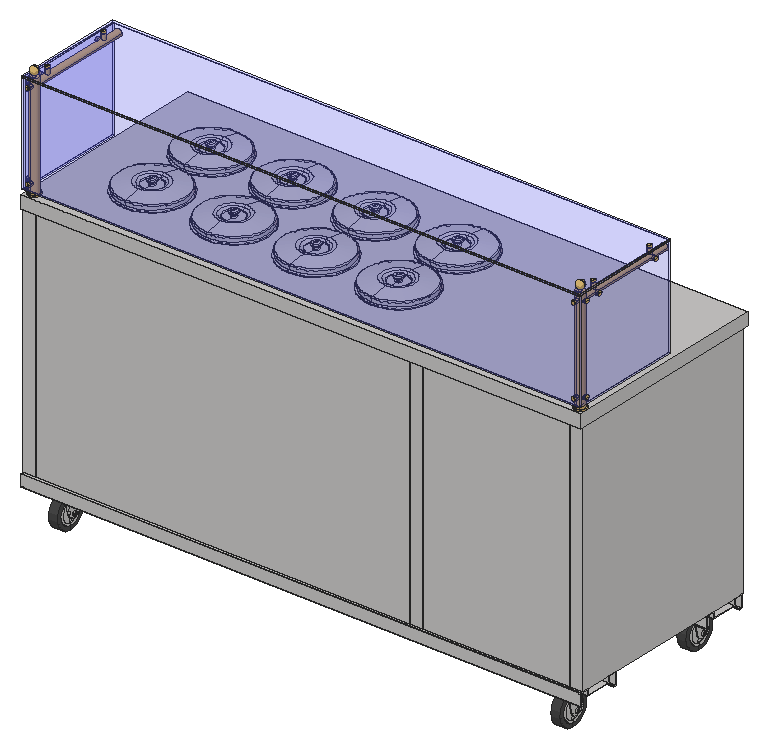
Revit family "Food-Service-Equipment_Oscartek_PPozzetti_PS8", category Specialty Equipment, Revit 2026 (continued)
Automatic sketch dimensions
  Extrusion 6 sketch curve to plane 3 "LEFT" = 0.00"
  plane 4 "RIGHT" to Extrusion 6 sketch curve = 0.00"
  plane 3 "LEFT" to Extrusion 6 sketch curve = 1.5748"
  Extrusion 6 sketch curve to plane 6 "TOP" = 1.5748"  (x3)
  plane 7 "Center Y" to Extrusion 6 sketch curve = 13.16802"
  Extrusion 6 sketch curve to Extrusion 6 sketch curve = 1.59448"
  Extrusion 6 sketch curve to Extrusion 6 sketch curve = 1.5748"
  plane 9 to Extrusion 6 sketch curve = 1.53149"  (x3)
  Extrusion 11 sketch curve to Extrusion 6 = 12.11644"
  Extrusion 11 sketch curve to Extrusion 6 = 3.6784"
  Extrusion 11 sketch curve to Extrusion 11 sketch curve = 0.00"
  Extrusion 6 to Extrusion 11 sketch curve = 42.27586"
  Extrusion 11 sketch curve to Extrusion 11 sketch curve = 1.50"
  Extrusion 11 sketch curve to Extrusion 11 sketch curve = 17.74334"
  Extrusion 12 sketch curve to plane 5 "FRONT" = 0.3712"
  Extrusion 12 sketch curve to plane 6 "TOP" = 1.5748"  (x2)
  plane 9 to Extrusion 12 sketch curve = 1.53149"  (x2)
  Extrusion 12 sketch curve to Extrusion 12 sketch curve = 1.57"
  plane 1 "BACK" to Extrusion 12 sketch curve = 2.38255"
  plane 1 "BACK" to Extrusion 12 sketch curve = 0.81255"
  Revolve 13 sketch curve to plane 6 "TOP" = 0.00"
  plane 6 "TOP" to Revolve 13 sketch curve = 0.09591"
  plane 1 "BACK" to Revolve 13 sketch curve = 4.07584"
  Revolve 13 sketch curve to Revolve 13 sketch curve = 0.12788"
  Revolve 13 sketch curve to Revolve 13 sketch curve = 0.01871"
  plane 6 "TOP" to Revolve 13 sketch curve = 0.75631"
  Revolve 13 sketch curve to Revolve 13 sketch curve = 0.08296"
  Revolve 13 sketch curve to Revolve 13 sketch curve = 0.01743"
  plane 6 "TOP" to Revolve 13 sketch curve = 1.11611"
  Revolve 13 sketch curve to Revolve 13 sketch curve = 2.0406"
  Revolve 13 sketch curve to Revolve 13 sketch curve = 0.0842"
  plane 6 "TOP" to Revolve 13 sketch curve = 1.03579"
  Revolve 13 sketch curve to Revolve 13 sketch curve = 0.36232"
  plane 6 "TOP" to Revolve 13 sketch curve = 0.82743"
  Revolve 13 sketch curve to Revolve 13 sketch curve = 0.2976"
  Revolve 13 sketch curve to Revolve 13 sketch curve = 0.0692"
  Revolve 13 sketch curve to Revolve 13 sketch curve = 0.71956"
  plane 6 "TOP" to Revolve 13 sketch curve = 1.2383"
  Revolve 13 sketch curve to Revolve 13 sketch curve = 0.05255"
  plane 6 "TOP" to Revolve 13 sketch curve = 1.44972"
  Revolve 13 sketch curve to Revolve 13 sketch curve = 0.05818"
  Revolve 13 sketch curve to Revolve 13 sketch curve = 0.03836"
  Revolve 13 sketch curve to Revolve 13 sketch curve = 0.00973"
  Revolve 13 sketch curve to Revolve 13 sketch curve = 0.13923"
  Revolve 13 sketch curve to Revolve 13 sketch curve = 0.00958"
  plane 6 "TOP" to Revolve 13 sketch curve = 1.15056"
  Revolve 13 sketch curve to Revolve 13 sketch curve = 0.03968"
  plane 6 "TOP" to Revolve 13 sketch curve = 1.55005"
  Revolve 13 sketch curve to Revolve 13 sketch curve = 0.21559"
  Revolve 13 sketch curve to Revolve 13 sketch curve = 0.09403"
  Revolve 13 sketch curve to Revolve 13 sketch curve = 0.04537"
  Revolve 13 sketch curve to Revolve 13 sketch curve = 0.21383"
  Revolve 13 sketch curve to Revolve 13 sketch curve = 0.01004"
  Revolve 13 sketch curve to Revolve 13 sketch curve = 0.09884"
  Revolve 13 sketch curve to Revolve 13 sketch curve = 0.00"  (x2)
  Revolve 13 sketch curve to Revolve 13 sketch curve = 1.25"
  Revolve 15 sketch curve to plane 6 "TOP" = 0.00"
  plane 6 "TOP" to Revolve 15 sketch curve = 0.09591"
  plane 1 "BACK" to Revolve 15 sketch curve = 4.07584"
  Revolve 15 sketch curve to Revolve 15 sketch curve = 0.12788"
  Revolve 15 sketch curve to Revolve 15 sketch curve = 0.01871"
  plane 6 "TOP" to Revolve 15 sketch curve = 0.75631"
  Revolve 15 sketch curve to Revolve 15 sketch curve = 0.08296"
  Revolve 15 sketch curve to Revolve 15 sketch curve = 0.01743"
  plane 6 "TOP" to Revolve 15 sketch curve = 1.11611"
  Revolve 15 sketch curve to Revolve 15 sketch curve = 2.0406"
  Revolve 15 sketch curve to Revolve 15 sketch curve = 0.0842"
  plane 6 "TOP" to Revolve 15 sketch curve = 1.03579"
  Revolve 15 sketch curve to Revolve 15 sketch curve = 0.36232"
  plane 6 "TOP" to Revolve 15 sketch curve = 0.82743"
  Revolve 15 sketch curve to Revolve 15 sketch curve = 0.2976"
  Revolve 15 sketch curve to Revolve 15 sketch curve = 0.0692"
  Revolve 15 sketch curve to Revolve 15 sketch curve = 0.71956"
  plane 6 "TOP" to Revolve 15 sketch curve = 1.2383"
  Revolve 15 sketch curve to Revolve 15 sketch curve = 0.05255"
  plane 6 "TOP" to Revolve 15 sketch curve = 1.44972"
  Revolve 15 sketch curve to Revolve 15 sketch curve = 0.05818"
  Revolve 15 sketch curve to Revolve 15 sketch curve = 0.03836"
  Revolve 15 sketch curve to Revolve 15 sketch curve = 0.00973"
  Revolve 15 sketch curve to Revolve 15 sketch curve = 0.13923"
  Revolve 15 sketch curve to Revolve 15 sketch curve = 0.00958"
  plane 6 "TOP" to Revolve 15 sketch curve = 1.15056"
  Revolve 15 sketch curve to Revolve 15 sketch curve = 0.03968"
  plane 6 "TOP" to Revolve 15 sketch curve = 1.55005"
  Revolve 15 sketch curve to Revolve 15 sketch curve = 0.21559"
  Revolve 15 sketch curve to Revolve 15 sketch curve = 0.09403"
  Revolve 15 sketch curve to Revolve 15 sketch curve = 0.04537"
  Revolve 15 sketch curve to Revolve 15 sketch curve = 0.21383"
  Revolve 15 sketch curve to Revolve 15 sketch curve = 0.01004"
  Revolve 15 sketch curve to Revolve 15 sketch curve = 0.09884"
  Revolve 15 sketch curve to Revolve 15 sketch curve = 0.00"  (x2)
  Revolve 15 sketch curve to Revolve 15 sketch curve = 1.25"
  Revolve 22 sketch curve to plane 6 "TOP" = 0.00"
  plane 6 "TOP" to Revolve 22 sketch curve = 0.09591"
  plane 1 "BACK" to Revolve 22 sketch curve = 4.07584"
  Revolve 22 sketch curve to Revolve 22 sketch curve = 0.12788"
  Revolve 22 sketch curve to Revolve 22 sketch curve = 0.01871"
  plane 6 "TOP" to Revolve 22 sketch curve = 0.75631"
  Revolve 22 sketch curve to Revolve 22 sketch curve = 0.08296"
  Revolve 22 sketch curve to Revolve 22 sketch curve = 0.01743"
  plane 6 "TOP" to Revolve 22 sketch curve = 1.11611"
  Revolve 22 sketch curve to Revolve 22 sketch curve = 2.0406"
  Revolve 22 sketch curve to Revolve 22 sketch curve = 0.0842"
  plane 6 "TOP" to Revolve 22 sketch curve = 1.03579"
  Revolve 22 sketch curve to Revolve 22 sketch curve = 0.36232"
  plane 6 "TOP" to Revolve 22 sketch curve = 0.82743"
  Revolve 22 sketch curve to Revolve 22 sketch curve = 0.2976"
  Revolve 22 sketch curve to Revolve 22 sketch curve = 0.0692"
  Revolve 22 sketch curve to Revolve 22 sketch curve = 0.71956"
  plane 6 "TOP" to Revolve 22 sketch curve = 1.2383"
  Revolve 22 sketch curve to Revolve 22 sketch curve = 0.05255"
  plane 6 "TOP" to Revolve 22 sketch curve = 1.44972"
  Revolve 22 sketch curve to Revolve 22 sketch curve = 0.05818"
  Revolve 22 sketch curve to Revolve 22 sketch curve = 0.03836"
  Revolve 22 sketch curve to Revolve 22 sketch curve = 0.00973"
  Revolve 22 sketch curve to Revolve 22 sketch curve = 0.13923"
  Revolve 22 sketch curve to Revolve 22 sketch curve = 0.00958"
  plane 6 "TOP" to Revolve 22 sketch curve = 1.15056"
  Revolve 22 sketch curve to Revolve 22 sketch curve = 0.03968"
  plane 6 "TOP" to Revolve 22 sketch curve = 1.55005"
  Revolve 22 sketch curve to Revolve 22 sketch curve = 0.21559"
  Revolve 22 sketch curve to Revolve 22 sketch curve = 0.09403"
  Revolve 22 sketch curve to Revolve 22 sketch curve = 0.04537"
  Revolve 22 sketch curve to Revolve 22 sketch curve = 0.21383"
  Revolve 22 sketch curve to Revolve 22 sketch curve = 0.01004"
  Revolve 22 sketch curve to Revolve 22 sketch curve = 0.09884"
  Revolve 22 sketch curve to Revolve 22 sketch curve = 0.00"  (x2)
  Revolve 22 sketch curve to Revolve 22 sketch curve = 1.25"
  Revolve 24 sketch curve to plane 6 "TOP" = 0.00"
  plane 6 "TOP" to Revolve 24 sketch curve = 0.09591"
  plane 1 "BACK" to Revolve 24 sketch curve = 4.07584"
  Revolve 24 sketch curve to Revolve 24 sketch curve = 0.12788"
  Revolve 24 sketch curve to Revolve 24 sketch curve = 0.01871"
  plane 6 "TOP" to Revolve 24 sketch curve = 0.75631"
  Revolve 24 sketch curve to Revolve 24 sketch curve = 0.08296"
  Revolve 24 sketch curve to Revolve 24 sketch curve = 0.01743"
  plane 6 "TOP" to Revolve 24 sketch curve = 1.11611"
  Revolve 24 sketch curve to Revolve 24 sketch curve = 2.0406"
  Revolve 24 sketch curve to Revolve 24 sketch curve = 0.0842"
  plane 6 "TOP" to Revolve 24 sketch curve = 1.03579"
  Revolve 24 sketch curve to Revolve 24 sketch curve = 0.36232"
  plane 6 "TOP" to Revolve 24 sketch curve = 0.82743"
  Revolve 24 sketch curve to Revolve 24 sketch curve = 0.2976"
  Revolve 24 sketch curve to Revolve 24 sketch curve = 0.0692"
  Revolve 24 sketch curve to Revolve 24 sketch curve = 0.71956"
  plane 6 "TOP" to Revolve 24 sketch curve = 1.2383"
  Revolve 24 sketch curve to Revolve 24 sketch curve = 0.05255"
  plane 6 "TOP" to Revolve 24 sketch curve = 1.44972"
  Revolve 24 sketch curve to Revolve 24 sketch curve = 0.05818"
  Revolve 24 sketch curve to Revolve 24 sketch curve = 0.03836"
  Revolve 24 sketch curve to Revolve 24 sketch curve = 0.00973"
  Revolve 24 sketch curve to Revolve 24 sketch curve = 0.13923"
  Revolve 24 sketch curve to Revolve 24 sketch curve = 0.00958"
  plane 6 "TOP" to Revolve 24 sketch curve = 1.15056"
  Revolve 24 sketch curve to Revolve 24 sketch curve = 0.03968"
  plane 6 "TOP" to Revolve 24 sketch curve = 1.55005"
  Revolve 24 sketch curve to Revolve 24 sketch curve = 0.21559"
  Revolve 24 sketch curve to Revolve 24 sketch curve = 0.09403"
  Revolve 24 sketch curve to Revolve 24 sketch curve = 0.04537"
  Revolve 24 sketch curve to Revolve 24 sketch curve = 0.21383"
  Revolve 24 sketch curve to Revolve 24 sketch curve = 0.01004"
  Revolve 24 sketch curve to Revolve 24 sketch curve = 0.09884"
  Revolve 24 sketch curve to Revolve 24 sketch curve = 0.00"  (x2)
  Revolve 24 sketch curve to Revolve 24 sketch curve = 1.25"
  Extrusion 25 sketch curve to plane 5 "FRONT" = 1.9412"
  plane 1 "BACK" to Extrusion 25 sketch curve = 2.38255"
  plane 9 to Extrusion 25 sketch curve = 1.53149"
  Extrusion 25 sketch curve to Extrusion 25 sketch curve = 0.50"
  radius of curve 5 = 4.25181"
  radius of curve 6 = 4.10522"
  radius of curve 7 = 0.54261"
  radius of curve 8 = 0.23688"
  radius of curve 9 = 4.25181"
  radius of curve 10 = 4.10522"
  radius of curve 11 = 0.54261"
  radius of curve 12 = 0.23688"
  radius of curve 13 = 4.25181"
  radius of curve 14 = 4.10522"
  radius of curve 15 = 0.54261"
  radius of curve 16 = 0.23688"
  radius of curve 17 = 4.25181"
  radius of curve 18 = 4.10522"
  radius of curve 19 = 0.54261"
  radius of curve 20 = 0.23688"
  radius of curve 21 = 4.25181"
  radius of curve 22 = 4.10522"
  radius of curve 23 = 0.54261"
  radius of curve 24 = 0.23688"
  radius of curve 25 = 4.25181"
  radius of curve 26 = 4.10522"
  radius of curve 27 = 0.54261"
  radius of curve 28 = 0.23688"
  radius of curve 29 = 4.25181"
  radius of curve 30 = 4.10522"
  radius of curve 31 = 0.54261"
  radius of curve 32 = 0.23688"
  radius of curve 33 = 4.25181"
  radius of curve 34 = 4.10522"
  radius of curve 35 = 0.54261"
  radius of curve 36 = 0.23688"
  radius of curve 37 = 2.00"
  radius of curve 38 = 1.50"
  radius of curve 39 = 2.00"
  radius of curve 40 = 1.50"
  radius of curve 41 = 2.00"
  radius of curve 42 = 1.50"
  radius of curve 43 = 2.00"
  radius of curve 44 = 1.50"
  radius of curve 45 = 2.00"
  radius of curve 46 = 1.50"
  radius of curve 47 = 2.00"
  radius of curve 48 = 1.50"
  radius of curve 49 = 2.00"
  radius of curve 50 = 1.50"
  radius of curve 51 = 2.00"
  radius of curve 52 = 1.50"
  radius of Extrusion 11 sketch curve = 0.69"
  radius of Extrusion 11 sketch curve = 0.59055"
  radius of Extrusion 11 sketch curve = 0.64961"
Nested families (in)
  nested 1: "L6_C6_01" at (3.54093, -23.19246, 0), Show Casters <- "Show Casters", type "L6_C6_01"
    with Type Mark "", Status "", Specification by User "", Show Legs no, Show Casters yes, Revision Code "", Item Number "", Installed By "", Identify Quantity as Lot yes, Furnished By "", Foodservice Equipment Identifier yes
  nested 2: "L6_C6_01" at (65.35907, -3.80618, 0), Show Casters <- "Show Casters", type "L6_C6_01"
    with Type Mark "", Status "", Specification by User "", Show Legs no, Show Casters yes, Revision Code "", Item Number "", Installed By "", Identify Quantity as Lot yes, Furnished By "", Foodservice Equipment Identifier yes
  nested 3: "Glass" at (0.11994, -11.79, 36.65347), visible <- "Show Sneeze Guard", type "Glass"
    with Lenght 68.66013"
  nested 4: "L6_C6_01" at (65.35907, -23.19246, 0), Show Casters <- "Show Casters", type "L6_C6_01"
    with Type Mark "", Status "", Specification by User "", Show Legs no, Show Casters yes, Revision Code "", Item Number "", Installed By "", Identify Quantity as Lot yes, Furnished By "", Foodservice Equipment Identifier yes
  nested 5: "L6_C6_01" at (3.54093, -3.80618, 0), Show Casters <- "Show Casters", type "L6_C6_01"
    with Type Mark "", Status "", Specification by User "", Show Legs no, Show Casters yes, Revision Code "", Item Number "", Installed By "", Identify Quantity as Lot yes, Furnished By "", Foodservice Equipment Identifier yes
Connectors (in)
  piping at (26.54934, -21.7404, 5.6555), diameter 0.63
    settings: on Extrusion 11, index 1, connector inside diameter 24", connector length 0.00", flow factor 0, pipe flow 0 GPM, pressure drop 0.00 psi, fitting loss kfactor 0, connector angle 0.00°, fixture units 0, engagement length 0.00", angle of deflection 0.00°, flow configuration 1, flow direction 1, fitting loss method 0, system type 7, joint type 0, gender type 0, connector reference index -1, connector utility 0, adjustable connector no, is connector primary yes, connector description "SUCTION LINE"
  piping at (25.04934, -21.7404, 5.6555), diameter 0.38
    settings: on Extrusion 11, index 2, connector inside diameter 24", connector length 0.00", flow factor 0, pipe flow 0 GPM, pressure drop 0.00 psi, fitting loss kfactor 0, connector angle 0.00°, fixture units 0, engagement length 0.00", angle of deflection 0.00°, flow configuration 1, flow direction 1, fitting loss method 0, system type 7, joint type 0, gender type 0, connector reference index -1, connector utility 0, adjustable connector no, is connector primary no, connector description "LIQUID LINE"
  piping at (44.29269, -12.92899, 5.6555), diameter 0.5, driven by "Indirect Waste Size"
    settings: on Extrusion 11, index 3, connector inside diameter 24", connector length 0.00", flow factor 0, pipe flow 0 GPM, pressure drop 0.00 psi, fitting loss kfactor 0, connector angle 0.00°, fixture units 0, engagement length 0.00", angle of deflection 0.00°, flow configuration 1, flow direction 2, fitting loss method 0, system type 16, joint type 0, gender type 0, connector reference index -1, connector utility 0, adjustable connector no, is connector primary no, connector description "DRAIN CONNECTION"
  electrical at (58.253, -0.81255, 33.15909), driven by "Volts", driven by "Watts"
    settings: on Blend 17, index 4, voltage 115 V, apparent load 862.5 VA, apparent load phase1 0 VA, apparent load phase2 0 VA, apparent load phase3 0 VA, power factor 1, load classification "Other", number of poles 1, system type 30, power factor state 1, is connector primary yes, connector utility no, sub classification motor no, connector description "ELECTRICAL CONNECTION"
Definition of nested family "L6_C6_01"
  Parameters
    Weight = ""
    URL Manufacturer = ""
    URL Cutsheet = ""
    URL = ""
    Type Mark [instance] = ""
    Status [instance] = ""
    Specification by User [instance] = ""
    Specification by Manufacturer = ""
    Show Legs [instance] = not(Show Casters)  # no
    Show Casters [instance] = yes
    Serial Number = ""
    Seismic Rating = ""
    SMACNA No = ""
    Revision Code [instance] = ""
    Omniclass Number and Title = ""
    NAFEM Spec ID Number = ""
    Model = ""
    MasterSpec. = ""
    Manufacturer = ""
    Item Number [instance] = ""
    Installed By [instance] = ""
    Identify Quantity as Lot [instance] = yes
    Furnished By [instance] = ""
    Foodservice Equipment Identifier [instance] = yes
    Description = ""
    Default Elevation = 0.00"
    CSI MasterFormat = ""
    CSI Master Format = ""
  Reference planes (in)
    plane 1 "BACK": y = 0
    plane 2: z = 0
    plane 3 "LEFT": x = 0
    plane 4 "RIGHT": x = 0
    plane 5 "FRONT": y = 0
    plane 6 "TOP": z = 5.1
  Forms (in)
    Revolve 1, solid, visible <- "Show Legs"
      sketch origin (0, 11.12172, 0) x (0, -1, 0) y (0, 0, -1)
        loop
          line (11.12172, -5.1) -> (11.12172, 0) -> (10.62172, 0) -> (10.62172, -0.93065) -> (10.37172, -0.93065) -> (10.37172, -5.1) -> (11.12172, -5.1)
        axis (11.12172, 0) -> (11.12172, -5.1)
      angle from 0 to 360
  Dimensions and locks (in)
    plane 6 "TOP" to level = 5.10"  (x2)
    locked: Revolve 1 sketch curve to Revolve 1 sketch curve at 0.75
    aligned and locked: level to plane 2
  Nested families (in)
    nested 1: "5 INCHES 03_CASTER" at (0, 0, 0), visible <- "Show Casters", type "5 INCHES 03_CASTER"
      with Type Mark "", Specification by User "", Revision Code "", Item Number "", Installed By "", Identify Quantity as Lot yes, Furnished By "", Foodservice Equipment Identifier yes
  Definition of nested family "5 INCHES 03_CASTER"
    Parameters
      Weight = ""
      URL Manufacturer = ""
      URL Cutsheet = ""
      URL = ""
      Type Mark [instance] = ""
      Specification by User [instance] = ""
      Specification by Manufacturer = ""
      Serial Number = ""
      Seismic Rating = ""
      SMACNA No = ""
      Revision Code [instance] = ""
      Omniclass Number and Title = ""
      NAFEM Spec ID Number = ""
      Model = ""
      MasterSpec. = ""
      Manufacturer = ""
      Item Number [instance] = ""
      Installed By [instance] = ""
      Identify Quantity as Lot [instance] = yes
      Furnished By [instance] = ""
      Foodservice Equipment Identifier [instance] = yes
      Description = ""
      Default Elevation = 0.00"
      CSI MasterFormat = ""
      CSI Master Format = ""
      Assembly Code = ""
    Reference planes (in)
      plane 1: z = 0
      plane 2 "RIGHT": x = 0
      plane 3 "FRONT": y = 0
      plane 4 "TOP": z = 5.1
    Forms (in)
      Revolve 1, solid
        sketch origin (-1.93794, 0, -1.0041) x (1, 0, 0) y (0, 0, 1)
          loop
            line (0.74055, 3.0041) -> (0.74055, 2.9286) -> (0.79055, 2.8786) -> (0.85055, 2.8786) -> (0.85055, 2.75852) -> (1.235, 2.75852) -> (1.235, 2.56618) -> (1.37557, 2.48502) -> (1.49133, 1.76972) -> (1.34375, 1.76972) -> (1.34375, 1.53535) -> (1.375, 1.53535) -> (1.375, 1.0041) -> (2.48438, 1.0041) -> (2.48438, 1.53535) -> (2.51563, 1.53535) -> (2.51563, 1.76972) -> (2.36805, 1.76972) -> (2.48438, 2.48853) -> (2.62438, 2.56936) -> (2.62438, 2.75852) -> (3.04007, 2.75852) -> (3.04007, 2.8786) -> (3.10007, 2.8786) -> (3.15007, 2.9286) -> (3.15007, 3.0041) -> (0.74055, 3.0041)
          axis (0.74055, 3.0041) -> (3.15007, 3.0041)
        angle from 0 to 360
      Extrusion 2, solid
        sketch origin (-1.93794, 2.02587, -0.7541) x (0, 1, 0) y (0, 0, 1)
          loop
            line (-3.37739, 5.42999) -> (-3.37739, 5.10671) -> (-0.54934, 5.10671) -> (-0.54934, 5.42999) -> (-3.37739, 5.42999)
        from 1.17357 to 2.70231
      Revolve 3, solid
        sketch origin (0, 2.21793, -1.25) x (0, 1, 0) y (0, 0, 1)
          loop
            line (-2.21793, 6.35) -> (-2.21793, 5.92589) -> (-1.05793, 5.92589) -> (-1.05793, 6.35) -> (-2.21793, 6.35)
          axis (-2.21793, 5.92589) -> (-2.21793, 6.35)
        angle from 0 to 360
      Extrusion 4, solid
        sketch origin (-1.98481, 2.02587, -0.7541) x (0, 1, 0) y (0, 0, 1)
          loop
            line (-3.37739, 5.42999) -> (-3.37739, 5.10671) -> (-3.13737, 5.10671) -> (-2.6822, 2.77151)
            arc (-2.6822, 2.77151) -> (-1.96337, 2.17926) -> (-1.24454, 2.77151) r 0.73236
            line (-1.24454, 2.77151) -> (-0.78937, 5.10671) -> (-0.54934, 5.10671) -> (-0.54934, 5.42999) -> (-3.37739, 5.42999)
        from 2.74918 to 2.90825
      Extrusion 5, solid
        sketch origin (1.98481, 2.02587, -0.7541) x (0, 1, 0) y (0, 0, -1)
          loop
            line (-3.13737, -5.10671) -> (-3.37739, -5.10671) -> (-3.37739, -5.42999) -> (-0.54934, -5.42999) -> (-0.54934, -5.10671) -> (-0.78937, -5.10671) -> (-1.24454, -2.77151)
            arc (-1.24454, -2.77151) -> (-1.96337, -2.17926) -> (-2.6822, -2.77151) r 0.73236
            line (-2.6822, -2.77151) -> (-3.13737, -5.10671)
        from 2.74918 to 2.90825
    Lines and regions (in)
      symbolic lines
        curve 1: line (0.54262, 2.21348, 0) -> (1.50337, 1.65879, 0)
        curve 2: line (-1.45738, -1.25062, 0) -> (-0.70738, 0.04842, 0)
        curve 3: line (-0.49663, -1.80531, 0) -> (-1.45738, -1.25062, 0)
        curve 4: line (1.50337, 1.65879, 0) -> (0.75337, 0.35975, 0)
        curve 5: line (-0.20738, 0.91444, 0) -> (0.54262, 2.21348, 0)
        curve 6: line (0.25337, -0.50627, 0) -> (-0.49663, -1.80531, 0)
    Dimensions and locks (in)
      plane 4 "TOP" to level = 5.10"  (x2)
      aligned and locked: level to plane 1
Definition of nested family "Glass"
  Parameters
    Weight in Pounds = 0
    URL Cutsheet = ""
    Specification by User = ""
    Specification by Manufacturer = ""
    Serial Number = ""
    Seismic Rating = ""
    SMACNA No = ""
    Revision Code = ""
    NAFEM Spec ID Number = ""
    Masterspec = ""
    Lenght [instance] = 18.00"
    Item Number = ""
    Installed By = ""
    Identify Quantity as Lot = yes
    Height = 14.00"
    Furnished By = ""
    Foodservice Equipment Identifier = yes
    Depth = 14.00"
    Default Elevation = 0.00"
    CSI MasterFormat = ""
  Reference planes (in)
    plane 1 "BACK": y = 0
    plane 2: z = 0
    plane 3 "LEFT": x = 0
    plane 4 "RIGHT": x = 18
    plane 5 "FRONT": y = -14
    plane 6 "TOP": z = 14
    plane 7 "Center Y": x = 9
    plane 8 "Center X": y = -7
  Forms (in)
    Extrusion 1, solid
      sketch origin (0, -1.105, 0) x (1, 0, 0) y (0, 1, 0)
        loop
          line (0, 1.105) -> (0, -12.80823) -> (18, -12.80823) -> (18, 1.105) -> (0, 1.105)
      from 12.85951 to 13.10571
    Extrusion 2, solid
      sketch origin (0, -1.105, 0) x (1, 0, 0) y (0, 0, 1)
        loop
          line (18, 12.85951) -> (17.75808, 12.85951) -> (17.75808, 0.5) -> (18, 0.5) -> (18, 12.85951)
        loop
          line (0, 12.85951) -> (0, 0.5) -> (0.25, 0.5) -> (0.25, 12.85951) -> (0, 12.85951)
      from -1.105 to 12.55823
    Extrusion 3, solid
      sketch origin (0, 0, 0) x (0, 1, 0) y (0, 0, 1)
        loop
          line (-13.66323, 12.85951) -> (-13.91323, 12.85951) -> (-13.91323, 0.5) -> (-13.66323, 0.5) -> (-13.66323, 12.85951)
      from 0 to 18
  Lines and regions (in)
    symbolic lines
      curve 1: line (0, 0, 0) -> (18, 0, 0)
      curve 2: line (18, 0, 0) -> (18, -12.30774, 0)
      curve 3: line (18, -12.30774, 0) -> (0, -12.30774, 0)
      curve 4: line (0, -12.30774, 0) -> (0, 0, 0)
      curve 5: line (0, -13.91323, 0) -> (18, -13.91323, 0)
      curve 6: line (0, -13.66323, 0) -> (0, -13.91323, 0)
      curve 7: line (18, -13.66323, 0) -> (0, -13.66323, 0)
      curve 8: line (18, -13.91323, 0) -> (18, -13.66323, 0)
  Dimensions and locks (in)
    equal spacing: plane 3 "LEFT", plane 7 "Center Y", plane 4 "RIGHT"
    "Lenght": plane 3 "LEFT" to plane 4 "RIGHT"
    equal spacing: plane 5 "FRONT", plane 8 "Center X", plane 1 "BACK"
    "Depth": plane 5 "FRONT" to plane 1 "BACK"
    "Height": plane 6 "TOP" to level
    plane 6 "TOP" to plane 2 = 14.00"
    plane 5 "FRONT" to plane 1 "BACK" = 14.00"
    Extrusion 2 sketch curve to Extrusion 2 sketch curve to nested 2 = 0.24192" locked, 0.00" locked
    locked: Extrusion 2 sketch curve to Extrusion 2 sketch curve at 0.25
    aligned and locked: plane 2 to level
    aligned and locked: Extrusion 1 to plane 4 "RIGHT"
    aligned and locked: nested 2 to plane 4 "RIGHT"
    aligned and locked: Extrusion 3 to plane 4 "RIGHT"
  Automatic sketch dimensions
    plane 1 "BACK" to curve 1 = 0.00"
    curve 1 to plane 3 "LEFT" = 0.00"
    curve 7 to plane 3 "LEFT" = 0.00"
    curve 5 to plane 4 "RIGHT" = 0.00"
    curve 2 to plane 4 "RIGHT" = 0.00"
    curve 2 to plane 5 "FRONT" = 1.69226"
    curve 8 to plane 5 "FRONT" = 0.33677"
    curve 5 to plane 5 "FRONT" = 0.08677"
    Extrusion 1 sketch curve to plane 3 "LEFT" = 0.00"
    Extrusion 1 sketch curve to plane 4 "RIGHT" = 0.00"
    plane 1 "BACK" to Extrusion 1 sketch curve = 0.00"
    Extrusion 1 sketch curve to plane 5 "FRONT" = 0.08677"
    Extrusion 2 sketch curve to plane 3 "LEFT" = 0.00"
    level to Extrusion 2 sketch curve = 0.50"  (x2)
    Extrusion 2 sketch curve to plane 6 "TOP" = 1.14049"  (x2)
    Extrusion 3 sketch curve to plane 5 "FRONT" = 0.08677"
    Extrusion 3 sketch curve to Extrusion 3 sketch curve = 0.25"
    level to Extrusion 3 sketch curve = 0.50"
    Extrusion 3 sketch curve to plane 6 "TOP" = 1.14049"
  Nested families (in)
    nested 1: "Post" at (0, 0, 0), type "Post"
    nested 2: "Post" at (18, 0, 0) x (-1, 0, 0) z (0, 0, 1), type "Post"
  Definition of nested family "Post"
    Parameters
      Weight in Pounds = 0
      URL Cutsheet = ""
      Specification by User = ""
      Specification by Manufacturer = ""
      Serial Number = ""
      Seismic Rating = ""
      SMACNA No = ""
      Revision Code = ""
      NAFEM Spec ID Number = ""
      Masterspec = ""
      Item Number = ""
      Installed By = ""
      Identify Quantity as Lot = yes
      Height = 14.00"
      Furnished By = ""
      Foodservice Equipment Identifier = yes
      Depth = 14.00"
      Default Elevation = 0.00"
      CSI MasterFormat = ""
    Reference planes (in)
      plane 1 "BACK": y = 0
      plane 2: z = 0
      plane 3 "LEFT": x = 0
      plane 4 "RIGHT": x = 1.5
      plane 5 "FRONT": y = -14
      plane 6 "TOP": z = 14
      plane 7 "Center Y": x = 0.75
      plane 8 "Center X": y = -7
      plane 9: z = 12.85951
      plane 10: z = 13.10571
    Forms (in)
      Extrusion 1, solid
        sketch origin (-0.2344, 11.79, 0) x (0, -1, 0) y (1, 0, 0)
          loop
            circle (24.73986, 0.9844) r 0.5
        from 0.06 to 12.85951
      Revolve 2, solid
        sketch origin (-0.2344, -12.94986, 12) x (0, 0, -1) y (1, 0, 0)
          loop
            line (-0.85951, 0.9844) -> (-2, 0.9844)
            arc (-2, 0.9844) -> (-1.61959, 0.51152) -> (-1.10571, 0.8344) r 0.45648
            line (-1.10571, 0.8344) -> (-0.85951, 0.8344) -> (-0.85951, 0.9844)
          axis (-0.85951, 0.9844) -> (-2, 0.9844)
        angle from 0 to 360
      Extrusion 3, solid
        sketch origin (-0.2344, 11.79, -36.65347) x (1, 0, 0) y (0, 0, 1)
          loop
            circle (0.9844, 48.63265) r 0.4
        from 11.79 to 24.73986
      Revolve 4, solid
        sketch origin (0.75, -168.21, 13.15705) x (0, 0, -1) y (0, -1, 0)
          loop
            line (1.17786, -154.93651) -> (1.17786, -154.21) -> (0.94979, -154.21) -> (0.94979, -154.29677) -> (1.06383, -154.29677) -> (1.06383, -154.54677) -> (0.94979, -154.54677) -> (0.94979, -154.93651) -> (1.17786, -154.93651)
          axis (1.17786, -154.21) -> (1.17786, -154.93651)
        angle from 0 to 360
      Revolve 5, solid
        sketch origin (0.75, -168.21, 2.51586) x (0, 0, -1) y (0, -1, 0)
          loop
            line (1.17786, -154.93651) -> (1.17786, -154.21) -> (0.94979, -154.21) -> (0.94979, -154.29677) -> (1.06383, -154.29677) -> (1.06383, -154.54677) -> (0.94979, -154.54677) -> (0.94979, -154.93651) -> (1.17786, -154.93651)
          axis (1.17786, -154.21) -> (1.17786, -154.93651)
        angle from 0 to 360
      Extrusion 6, solid
        sketch origin (-0.2344, 11.79, 0) x (0, -1, 0) y (1, 0, 0)
          loop
            circle (24.73986, 0.9844) r 0.75
        from 0 to 0.06
      Revolve 7, solid
        sketch origin (0.75, -9.80741, 167.40248) x (0, -1, 0) y (0, 0, 1)
          loop
            line (1.17786, -155.27113) -> (1.17786, -154.21) -> (0.94979, -154.21) -> (0.94979, -154.29677) -> (1.06383, -154.29677) -> (1.06383, -154.54677) -> (0.94979, -154.54677) -> (0.94979, -155.27113) -> (1.17786, -155.27113)
          axis (1.17786, -154.21) -> (1.17786, -155.27113)
        angle from 0 to 360
      Revolve 8, solid
        sketch origin (0.75, -1.11991, 167.40248) x (0, -1, 0) y (0, 0, 1)
          loop
            line (1.17786, -155.27113) -> (1.17786, -154.21) -> (0.94979, -154.21) -> (0.94979, -154.29677) -> (1.06383, -154.29677) -> (1.06383, -154.54297) -> (0.94979, -154.54297) -> (0.94979, -155.27113) -> (1.17786, -155.27113)
          axis (1.17786, -154.21) -> (1.17786, -155.27113)
        angle from 0 to 360
      Revolve 9, solid
        sketch origin (1.19171, 143.5615, 11.97937) x (0, 1, 0) y (-1, 0, 0)
          loop
            line (-154.54677, 0.56005) -> (-154.3187, 0.56005) -> (-154.3187, 0.94979) -> (-154.42418, 0.94979) -> (-154.42418, 1.19171) -> (-154.3187, 1.19171) -> (-154.3187, 1.28656) -> (-154.54677, 1.28656) -> (-154.54677, 0.56005)
          axis (-154.54677, 1.28656) -> (-154.54677, 0.56005)
        angle from 0 to 360
      Revolve 10, solid
        sketch origin (1.19171, 152.249, 11.97937) x (0, 1, 0) y (-1, 0, 0)
          loop
            line (-154.54677, 0.56005) -> (-154.3187, 0.56005) -> (-154.3187, 0.94979) -> (-154.43273, 0.94979) -> (-154.43273, 1.19171) -> (-154.3187, 1.19171) -> (-154.3187, 1.28656) -> (-154.54677, 1.28656) -> (-154.54677, 0.56005)
          axis (-154.54677, 1.28656) -> (-154.54677, 0.56005)
        angle from 0 to 360
      Revolve 11, solid
        sketch origin (1.19171, 141.59691, 11.97937) x (0, 1, 0) y (-1, 0, 0)
          loop
            line (-154.54677, 0.56005) -> (-154.3187, 0.56005) -> (-154.3187, 0.94979) -> (-154.43273, 0.94979) -> (-154.43273, 1.19171) -> (-154.3187, 1.19171) -> (-154.3187, 1.28656) -> (-154.54677, 1.28656) -> (-154.54677, 0.56005)
          axis (-154.54677, 1.28656) -> (-154.54677, 0.56005)
        angle from 0 to 360
      Revolve 12, solid
        sketch origin (1.19171, 141.59691, 1.35387) x (0, 1, 0) y (-1, 0, 0)
          loop
            line (-154.54677, 0.56005) -> (-154.3187, 0.56005) -> (-154.3187, 0.94979) -> (-154.43273, 0.94979) -> (-154.43273, 1.19171) -> (-154.3187, 1.19171) -> (-154.3187, 1.28656) -> (-154.54677, 1.28656) -> (-154.54677, 0.56005)
          axis (-154.54677, 1.28656) -> (-154.54677, 0.56005)
        angle from 0 to 360
    Cuts and joins
      joined: Extrusion 3, Revolve 7, Revolve 8, Revolve 9, Revolve 10
      joined: Extrusion 1, Revolve 4, Revolve 5, Revolve 11, Revolve 12
    Lines and regions (in)
      symbolic lines
        curve 1: line (0.35, 0, 0) -> (1.15, 0, 0)
        curve 2: line (1.15, 0, 0) -> (1.15, -12.64986, 0)
        curve 3: line (0.35, 0, 0) -> (0.35, -12.64986, 0)
        curve 4: arc (0.35, -12.31543, 0) -> (0.02947, -13.15804, 0) -> (0.75, -13.69986, 0) r 0.75
        curve 5: arc (0.75, -13.69986, 0) -> (1.47053, -13.15804, 0) -> (1.15, -12.31543, 0) r 0.75
        curve 6: arc (0.75, -12.44986, 0) -> (0.25, -12.94986, 0) -> (0.75, -13.44986, 0) r 0.5
        curve 7: arc (0.75, -13.44986, 0) -> (1.25, -12.94986, 0) -> (0.75, -12.44986, 0) r 0.5
        curve 8: line (0.52193, -13.91323, 0) -> (0.97807, -13.91323, 0)
        curve 9: line (0.52193, -14, 0) -> (0.52193, -13.91323, 0)
        curve 10: line (0.97807, -14, 0) -> (0.52193, -14, 0)
        curve 11: line (0.97807, -13.91323, 0) -> (0.97807, -14, 0)
        curve 12: circle (0.75, -10.98527, 0) r 0.22807 normal (0, 0, 1)
        curve 13: circle (0.75, -2.29777, 0) r 0.22807 normal (0, 0, 1)
        curve 14: line (0.08677, -10.7572, 0) -> (0, -10.7572, 0)
        curve 15: line (0.08677, -11.21334, 0) -> (0.08677, -10.7572, 0)
        curve 16: line (0, -11.21334, 0) -> (0.08677, -11.21334, 0)
        curve 17: line (0, -10.7572, 0) -> (0, -11.21334, 0)
        curve 18: line (0.08677, -2.0697, 0) -> (0, -2.0697, 0)
        curve 19: line (0.08677, -2.52584, 0) -> (0.08677, -2.0697, 0)
        curve 20: line (0, -2.52584, 0) -> (0.08677, -2.52584, 0)
        curve 21: line (0, -2.0697, 0) -> (0, -2.52584, 0)
    Dimensions and locks (in)
      equal spacing: plane 3 "LEFT", plane 7 "Center Y", plane 4 "RIGHT"
      plane 3 "LEFT" to plane 4 "RIGHT" = 1.50"
      equal spacing: plane 5 "FRONT", plane 8 "Center X", plane 1 "BACK"
      "Depth": plane 5 "FRONT" to plane 1 "BACK"
      "Height": plane 6 "TOP" to level
      plane 5 "FRONT" to plane 1 "BACK" = 14.00"
      plane 6 "TOP" to plane 2 = 14.00"
      aligned and locked: plane 2 to level
    Automatic sketch dimensions
      curve 4 to curve 5 = 0.00"  (x2)
      curve 4 to curve 6 = 0.00"  (x2)
      curve 4 to curve 7 = 0.00"  (x2)
      curve 5 to curve 6 = 0.00"  (x2)
      curve 5 to curve 7 = 0.00"  (x2)
      curve 6 to curve 7 = 0.00"  (x2)
      curve 21 to plane 3 "LEFT" = 0.00"
      curve 14 to plane 3 "LEFT" = 0.00"
      plane 1 "BACK" to curve 3 = 0.00"
      plane 5 "FRONT" to curve 9 = 0.00"
      curve 5 to plane 7 "Center Y" = 0.00"
      curve 12 to plane 7 "Center Y" = 0.00"
      curve 13 to plane 7 "Center Y" = 0.00"
      curve 20 to curve 19 = 0.08677"
      plane 3 "LEFT" to curve 15 = 0.08677"
      plane 3 "LEFT" to curve 3 = 0.35"
      curve 9 to plane 7 "Center Y" = 0.22807"
      plane 7 "Center Y" to curve 11 = 0.22807"
      plane 4 "RIGHT" to curve 2 = 0.35"
      curve 8 to plane 5 "FRONT" = 0.08677"
      curve 8 to curve 6 = 0.96338"
      curve 4 to curve 16 = 1.73651"
      curve 15 to curve 12 = 0.22807"
      curve 15 to curve 15 = 0.45614"
      plane 1 "BACK" to curve 19 = 2.52584"
      curve 19 to curve 13 = 0.22807"
      curve 19 to curve 18 = 0.45614"
      curve 4 to plane 5 "FRONT" = 0.30014"
      curve 4 to curve 7 = 0.25"
      Extrusion 1 sketch curve to plane 7 "Center Y" = 0.00"
      Extrusion 1 sketch curve to plane 5 "FRONT" = 1.05014"
      Extrusion 3 sketch curve to plane 7 "Center Y" = 0.00"
      Extrusion 3 sketch curve to plane 6 "TOP" = 2.02082"
      Extrusion 6 sketch curve to plane 7 "Center Y" = 0.00"
      Extrusion 6 sketch curve to plane 5 "FRONT" = 1.05014"
      Revolve 2 sketch curve to plane 7 "Center Y" = 0.00"  (x2)
      Revolve 2 sketch curve to plane 6 "TOP" = 0.00"  (x2)
      Revolve 2 sketch curve to plane 7 "Center Y" = 0.02269"
      Revolve 2 sketch curve to plane 6 "TOP" = 0.45592"
      Revolve 2 sketch curve to plane 7 "Center Y" = 0.15"
      Revolve 2 sketch curve to Revolve 2 sketch curve = 0.2462"
      Revolve 2 sketch curve to Revolve 2 sketch curve = 0.25"
      Revolve 8 sketch curve to plane 10 = 0.00"
      plane 1 "BACK" to Revolve 8 sketch curve = 2.0697"
      Revolve 8 sketch curve to Revolve 8 sketch curve = 0.00"  (x2)
      Revolve 8 sketch curve to Revolve 8 sketch curve = 0.11404"  (x2)
      plane 10 to Revolve 8 sketch curve = 0.08677"
      Revolve 8 sketch curve to plane 9 = 0.72816"
      Revolve 8 sketch curve to plane 9 = 0.26297"
      Revolve 8 sketch curve to Revolve 8 sketch curve = 0.01099"
      Revolve 8 sketch curve to plane 9 = 0.00"
      Revolve 7 sketch curve to plane 10 = 0.00"
      plane 10 to Revolve 7 sketch curve = 0.08677"
      Revolve 7 sketch curve to plane 5 "FRONT" = 3.2428"
      Revolve 7 sketch curve to Revolve 7 sketch curve = 0.00"  (x2)
      Revolve 7 sketch curve to Revolve 7 sketch curve = 0.22807"
      Revolve 7 sketch curve to plane 9 = 0.72816"
      Revolve 7 sketch curve to Revolve 7 sketch curve = 0.11404"
      Revolve 7 sketch curve to plane 9 = 0.0038"
      Revolve 7 sketch curve to Revolve 7 sketch curve = 0.59594"
      Revolve 7 sketch curve to Revolve 7 sketch curve = 0.01099"
      Revolve 10 sketch curve to plane 7 "Center Y" = 0.11834"
      plane 1 "BACK" to Revolve 10 sketch curve = 2.29777"
      Revolve 10 sketch curve to Revolve 10 sketch curve = 0.22807"  (x2)
      Revolve 10 sketch curve to Revolve 10 sketch curve = 0.24192"
      Revolve 10 sketch curve to Revolve 10 sketch curve = 0.00"
      plane 7 "Center Y" to Revolve 10 sketch curve = 0.2053"
      Revolve 10 sketch curve to Revolve 10 sketch curve = 0.13057"
      Revolve 10 sketch curve to plane 3 "LEFT" = 0.00"
      Revolve 10 sketch curve to Revolve 10 sketch curve = 0.11404"
      Revolve 10 sketch curve to plane 3 "LEFT" = 0.09485"
      Revolve 9 sketch curve to plane 3 "LEFT" = 0.00"
      Revolve 9 sketch curve to plane 7 "Center Y" = 0.11834"
      Revolve 9 sketch curve to plane 5 "FRONT" = 3.01473"
      Revolve 9 sketch curve to Revolve 9 sketch curve = 0.22807"
      Revolve 9 sketch curve to Revolve 9 sketch curve = 0.24192"
      Revolve 9 sketch curve to Revolve 9 sketch curve = 0.00"
      Revolve 9 sketch curve to Revolve 9 sketch curve = 0.10548"
      plane 7 "Center Y" to Revolve 9 sketch curve = 0.2053"
      Revolve 9 sketch curve to Revolve 9 sketch curve = 0.13057"
      Revolve 9 sketch curve to Revolve 9 sketch curve = 0.12259"
      Revolve 9 sketch curve to plane 3 "LEFT" = 0.09485"
      Revolve 4 sketch curve to plane 5 "FRONT" = 0.00"
      Revolve 4 sketch curve to plane 5 "FRONT" = 0.08677"
      Revolve 4 sketch curve to plane 9 = 0.65226"
      Revolve 4 sketch curve to Revolve 4 sketch curve = 0.00"  (x2)
      Revolve 4 sketch curve to Revolve 4 sketch curve = 0.11404"  (x2)
      Revolve 4 sketch curve to Revolve 4 sketch curve = 0.25"
      Revolve 4 sketch curve to Revolve 4 sketch curve = 0.72651"
      Revolve 4 sketch curve to Revolve 4 sketch curve = 0.13057"
      Revolve 4 sketch curve to Revolve 4 sketch curve = 0.32364"
      Revolve 11 sketch curve to plane 3 "LEFT" = 0.00"
      Revolve 11 sketch curve to plane 7 "Center Y" = 0.11834"
      Revolve 11 sketch curve to plane 5 "FRONT" = 1.05014"
      Revolve 11 sketch curve to Revolve 11 sketch curve = 0.22807"  (x2)
      Revolve 11 sketch curve to Revolve 11 sketch curve = 0.24192"
      Revolve 11 sketch curve to Revolve 11 sketch curve = 0.00"
      Revolve 11 sketch curve to Revolve 11 sketch curve = 0.11404"
      plane 7 "Center Y" to Revolve 11 sketch curve = 0.2053"
      Revolve 11 sketch curve to Revolve 11 sketch curve = 0.13057"
      Revolve 11 sketch curve to plane 3 "LEFT" = 0.09485"
      Revolve 12 sketch curve to plane 3 "LEFT" = 0.00"
      Revolve 12 sketch curve to plane 7 "Center Y" = 0.11834"
      Revolve 12 sketch curve to plane 5 "FRONT" = 1.05014"
      Revolve 12 sketch curve to Revolve 12 sketch curve = 0.22807"  (x2)
      Revolve 12 sketch curve to Revolve 12 sketch curve = 0.00"
      plane 7 "Center Y" to Revolve 12 sketch curve = 0.2053"
      Revolve 12 sketch curve to Revolve 12 sketch curve = 0.13057"
      Revolve 12 sketch curve to plane 3 "LEFT" = 0.09485"
      Revolve 12 sketch curve to Revolve 12 sketch curve = 0.11404"
      Revolve 12 sketch curve to Revolve 12 sketch curve = 0.24192"
      Revolve 5 sketch curve to plane 5 "FRONT" = 0.00"
      Revolve 5 sketch curve to plane 5 "FRONT" = 0.08677"
      level to Revolve 5 sketch curve = 1.56607"
      Revolve 5 sketch curve to Revolve 5 sketch curve = 0.00"  (x2)
      Revolve 5 sketch curve to Revolve 5 sketch curve = 0.11404"  (x2)
      Revolve 5 sketch curve to Revolve 5 sketch curve = 0.25"
      Revolve 5 sketch curve to Revolve 5 sketch curve = 0.72651"
      Revolve 5 sketch curve to Revolve 5 sketch curve = 0.13057"
      Revolve 5 sketch curve to Revolve 5 sketch curve = 0.32364"
      radius of curve 12 = 0.22807"
      radius of curve 13 = 0.22807"
      radius of Extrusion 1 sketch curve = 0.50"
      radius of Extrusion 3 sketch curve = 0.40"
      radius of Extrusion 6 sketch curve = 0.75"
